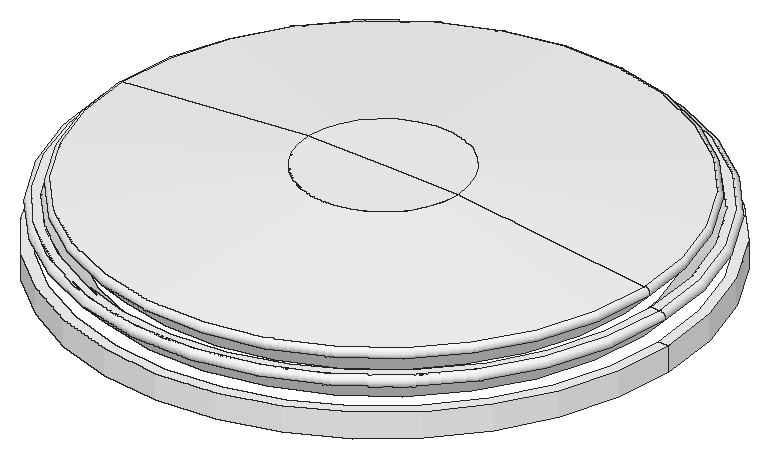
Revit family "Reece_Bath_Kado_Neue_Freestanding Bath_Sanitary Grade Acrylic", category Plumbing Fixtures, Revit 2018
Family settings
  Round Connector Dimension = Use Diameter
  Part Type = Normal
  Work Plane-Based = Yes
  Always vertical = Yes
  Cut with Voids When Loaded = Yes
  Shared = Yes
  Room Calculation Point = Yes
Parameters
  URL = "https://www.reece.com.au/product/-9507178"
  Type Comments = "Bath"
  Reece_Product_Web Page = "https://www.reece.com.au/product/-9507178"
  Reece_Product_Type = "Bath"  # constant formula
  Reece_Product_Sub Brand = "Neue"  # constant formula
  Reece_Product_Number = "9507178"
  Reece_Product_Mount = "Floor Mounted"
  Reece_Product_Description = "Kado Neue Freestanding Bath 1730 x 780 x 730mm White"
  Reece_Product_Brand = "Posh"  # constant formula
  Reece_Overall_Width = 780 mm  # constant formula
  Reece_Overall_Length = 1730 mm  # constant formula
  Reece_Overall_Height = 730 mm  # constant formula
  Reece_Overall_Capacity = 260.00 L  # constant formula
  Reece_Material_Secondary = Reece_Brass_Chrome
  Reece_Material_Main = Reece_Acrylic_White
  Reece_Material_Colour = Reece_Acrylic_White
  Reece_Detail_Shape = "Sanitary Grade Acrylic"  # constant formula
  Reece_Detail_Installation = "Freestanding Bath\r\n"  # constant formula
  Reece_Detail_Disclaimer = "THIS FILE IS THE PROPERTY OF THE REECE GROUP. IT MAY NOT BE REPRODUCED, REVERSE-ENGINEERED OR MODIFIED. ANY REPUBLICATION, TRANSMISSION OR DISTRIBUTION FOR THE PURPOSE OF COMMERCIALLY EXPLOITING THE FILES IS PROHIBITED."  # constant formula
  Reece_Detail_Connector = "Bottom Inlet"  # constant formula
  Reece_Bath_Outlet_Offset = 300 mm  # constant formula
  Reece_Bath_Outlet = 40 mm  # constant formula
  Model = "Neue"
  Manufacturer = "Posh"
  Keynote = "Product #9507178, Reece_Bath_Kado_Neue_Freestanding Bath_Sanitary Grade Acrylic -  "
  Disclaimer = "THIS FILE IS THE PROPERTY OF THE REECE GROUP. IT MAY NOT BE REPRODUCED, REVERSE-ENGINEERED OR MODIFIED. ANY REPUBLICATION, TRANSMISSION OR DISTRIBUTION FOR THE PURPOSE OF COMMERCIALLY EXPLOITING THE FILES IS PROHIBITED."  # constant formula
  Description = "Kado Neue Freestanding Bath 1730 x 780 x 730mm White"
  Default Elevation = 0 mm
Types (4, lengths in mm): name | URL | Reece_Product_Web Page | Reece_Product_Number | Reece_Product_Description | Reece_Material_Main | Reece_Material_Colour | Keynote | Description
  (no name) | "https://www.reece.com.au/product/-9507178" | "https://www.reece.com.au/product/-9507178" | "9507178" | "Kado Neue Freestanding Bath 1730 x 780 x 730mm White" | Reece_Acrylic_White | Reece_Acrylic_White | "Product #9507178, Reece_Bath_Kado_Neue_Freestanding Bath_Sanitary Grade Acrylic -  " | "Kado Neue Freestanding Bath 1730 x 780 x 730mm White"
  1730 mm_260 ltr_White | "https://www.reece.com.au/product/-9507178" | "https://www.reece.com.au/product/-9507178" | "9507178" | "Kado Neue Freestanding Bath 1730 x 780 x 730mm White" | Reece_Acrylic_White | Reece_Acrylic_White | "Product #9507178, Reece_Bath_Kado_Neue_Freestanding Bath_Sanitary Grade Acrylic - 1730 mm_260 ltr_White" | "Kado Neue Freestanding Bath 1730 x 780 x 730mm White"
  1730 mm_260 ltr_Matte Black_Matte White | "https://www.reece.com.au/product/-9508197" | "https://www.reece.com.au/product/-9508197" | "9508197" | "Kado Neue Freestanding Bath 1730 x 780 x 730mm Matte White/ Matte Black" | Reece_Cast_Solid_Surface_White | Reece_Brass_Matte Black | "Product #9508197, Reece_Bath_Kado_Neue_Freestanding Bath_Sanitary Grade Acrylic - 1730 mm_260 ltr_Matte Black_Matte White" | "Kado Neue Freestanding Bath 1730 x 780 x 730mm Matte White/ Matte Black"
  1730 mm_260 ltr_Matte White | "https://www.reece.com.au/product/-9508198" | "https://www.reece.com.au/product/-9508198" | "9508198" | "Kado Neue Freestanding Bath 1730 x 780 x 730mm Matte White" | Reece_Cast_Solid_Surface_White | Reece_Cast_Solid_Surface_White | "Product #9508198, Reece_Bath_Kado_Neue_Freestanding Bath_Sanitary Grade Acrylic - 1730 mm_260 ltr_Matte White" | "Kado Neue Freestanding Bath 1730 x 780 x 730mm Matte White"
Reference planes
  plane 1 "Center (Front/Back)": y = 0
  plane 2 "Bottom Host Plane": z = 0
  plane 3 "Center (Left/Right)": x = 0
  plane 4: x = -865
  plane 5: y = 390
  plane 6: y = -390
  plane 7: x = 865
  plane 8: z = 730
  plane 9: x = 565
  plane 10: z = 590
Text (mm)
  text "Reece ©" at (3187.754, -1939.934, 2889.125), in view "Reece Preview"
  text "Reece Copyright © 2018, Reece Ltd." at (-877.918, -492.812, 0), in view "Ref. Level"
Dimensions and locks
  equal spacing: plane 5, plane 1 "Center (Front/Back)", plane 6
  "Reece_Overall_Width": plane 5 to plane 6
  "Reece_Overall_Length": plane 4 to plane 7
  "Reece_Overall_Width": plane 6 to plane 8
  "Reece_Overall_Height": plane 8 to level
  "Reece_Bath_Outlet_Offset": plane 9 to plane 7
Nested families
  nested 1: "Reece_Bath_Kado_Neue_Freestanding Bath_Sanitary Grade Acrylic_Nested" at (0, 0, 0), Reece_Material_Colour <- "Reece_Material_Colour", Reece_Material_Main <- "Reece_Material_Main", Reece_Material_Secondary <- "Reece_Material_Secondary", type "1730 mm_260 ltr"
    with Reece_Material_Secondary Reece_Brass_Chrome, Reece_Material_Main Reece_Acrylic_White, Reece_Material_Colour Reece_Acrylic_White
Connectors
  piping at (565, 0, 150), diameter 40, driven by "Reece_Bath_Outlet"
    settings: on nested 1, index 1, connector inside diameter 609.6 mm, connector length 0 mm, flow factor 0, pipe flow 0.0 L/s, pressure drop 0.0 Pa, fitting loss kfactor 0, connector angle 0.00°, fixture units 0, engagement length 0 mm, angle of deflection 0.00°, flow configuration 0, flow direction 2, fitting loss method 0, system type 16, joint type 0, gender type 0, connector reference index -1, connector utility 0, adjustable connector no, is connector primary yes, connector description ""
Definition of nested family "Reece_Bath_Kado_Neue_Freestanding Bath_Sanitary Grade Acrylic_Nested"
  Parameters (values of type "1730 mm_260 ltr")
    Waste Connection = no
    WFU = 0
    Vent Connection = no
    URL = ""
    Type Comments = ""
    Reece_Material_Secondary [instance] = none
    Reece_Material_Main [instance] = none
    Reece_Material_Colour [instance] = none
    Model = ""
    Manufacturer = ""
    Keynote = ""
    HWFU = 0
    HW Connection = no
    Description = ""
    Default Elevation = 0 mm
    Cost = 0
    CWFU = 0
    CW Connection = no
    Assembly Code = ""
  Reference planes
    plane 1 "Center (Front/Back)": y = 0
    plane 2 "Bottom Host Plane": z = 0
    plane 3 "Center (Left/Right)": x = 0
    plane 4: x = -865
    plane 5: y = 390
    plane 6: y = -390
    plane 7: x = 865
    plane 8: z = 730
    plane 9: x = 565
  Forms (mm)
    Revolve 1, solid, material <- "Reece_Material_Secondary"
      sketch origin (565, 0, 46.357) x (1, 0, 0) y (0, 0, 1)
        loop
          line (-23.979, 106.04) -> (-26.792, 108.854) -> (-27.616, 108.854)
          arc (-27.616, 108.854) -> (-28.078, 108.545) -> (-27.969, 108) r 0.5
          line (-27.969, 108) -> (-26.009, 106.04) -> (-23.979, 106.04)
        loop
          line (-24.176, 107.429) -> (0, 107.429) -> (0, 112.155) -> (-7.456, 112.155)
          arc (-7.456, 112.155) -> (-16.82, 111.733) -> (-26.108, 110.471) r 104.147
          arc (-26.108, 110.471) -> (-26.496, 110.128) -> (-26.372, 109.625) r 0.5
          line (-26.372, 109.625) -> (-24.176, 107.429)
        loop
          line (-27.5, 106.023) -> (-28.5, 106.023) -> (-28.5, 103.643) -> (-27.5, 103.643) -> (-27.5, 106.023)
        axis (0, 112.155) -> (0, 103.643)
      angle from 0 to 360
    Revolve 2, solid, material <- "Reece_Material_Secondary"
      sketch origin (565, 0, 46.357) x (1, 0, 0) y (0, 0, 1)
        loop
          line (-23.979, 106.04) -> (-26.792, 108.854) -> (-27.616, 108.854)
          arc (-27.616, 108.854) -> (-28.078, 108.545) -> (-27.969, 108) r 0.5
          line (-27.969, 108) -> (-26.009, 106.04) -> (-23.979, 106.04)
        loop
          line (-24.176, 107.429) -> (0, 107.429) -> (0, 112.155) -> (-7.456, 112.155)
          arc (-7.456, 112.155) -> (-16.82, 111.733) -> (-26.108, 110.471) r 104.147
          arc (-26.108, 110.471) -> (-26.496, 110.128) -> (-26.372, 109.625) r 0.5
          line (-26.372, 109.625) -> (-24.176, 107.429)
        loop
          line (-27.5, 106.023) -> (-28.5, 106.023) -> (-28.5, 103.643) -> (-27.5, 103.643) -> (-27.5, 106.023)
        axis (0, 112.155) -> (0, 103.643)
      angle from 0 to 360
    Revolve 3, void
      sketch origin (565, 0, 46.357) x (1, 0, 0) y (0, 0, 1)
        loop
          line (-27.5, 107.429) -> (-27.5, 103.643) -> (0, 103.643) -> (0, 107.429) -> (-27.5, 107.429)
        axis (0, 107.429) -> (0, 103.643)
      angle from 0 to 360
  Cuts and joins
    Revolve 3 cuts ?
  Text (mm)
    text "Reece ©" at (3187.754, -1939.934, 2889.125), in view "Reece Preview"
    text "Reece Copyright © 2018, Reece Ltd." at (-877.918, -492.812, 0), in view "Ref. Level"
